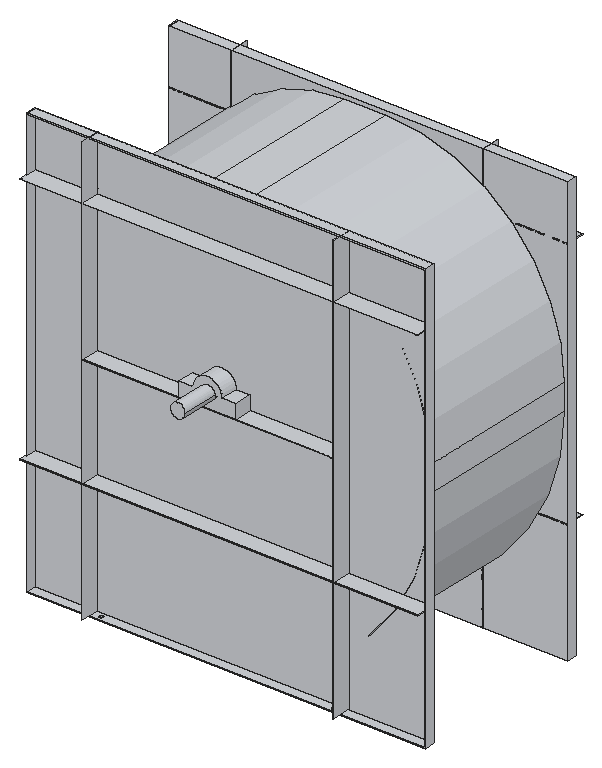
Revit family "CA-4_SWSI_ARR_3_CW_BHD", category Mechanical Equipment, Revit 2019
Family settings
  Round Connector Dimension = Use Radius
  Part Type = Normal
  Work Plane-Based = No
  Always vertical = Yes
  Cut with Voids When Loaded = No
  Shared = No
  Room Calculation Point = No
Parameters (values of type "600_CA-4_SWSI_ARR_3_CW_BHD_CLASS_3")
  S = 32"
  R = 49 5/16"
  P = 24 21/32"
  O/2 = O / 2  # 17/32"
  O = 1 1/16"
  N/2 = N / 2  # 1 31/32"
  N = 3 15/16"
  ModelID [instance] = ""
  M = 66 11/16"
  L = 10"
  K = 56 11/16"
  J = 3"
  INLET_RAD/2 = INLET_RAD / 2  # 16 1/2"
  INLET_RAD+1.5" = INLET_RAD + 1 1/2"  # 34 1/2"
  INLET_RAD = INLET_DIA / 2  # 33"
  INLET_DIA = 66"
  H = 51 5/8"
  G-H = G - H  # 58"
  G = 109 5/8"
  F = 118"
  Unit Weight [instance] = ""
  Sones [instance] = ""
  Motor RPM [instance] = ""
  Motor Enclosure [instance] = ""
  LwA [instance] = ""
  Fan RPM [instance] = ""
  E = 49 3/4"
  E-(INLET_RAD+1.5") = F - E - (INLET_RAD + 1 1/2")  # 33 3/4"
  E+(INLET_RAD+1.5") = F - E + (INLET_RAD + 1 1/2")  # 102 3/4"
  F-E = F - E  # 68 1/4"
  D-((D-B)/2) = D - ((D - B) / 2)  # 48 13/16"
  D = 51 13/16"
  B = 45 13/16"
  Accessories [instance] = ""
  A = 65 5/8"
  3" = 3"  # constant formula
  Brake Hp [instance] = ""
  4" = 4"  # constant formula
  2N = N + N  # 7 7/8"
  2' = 24"
  2" = 2"  # constant formula
  1" = 1"  # constant formula
  0 = 0"  # constant formula
  Voltage [instance] = 0 V
  URL = "www.lorencook.com"
  Type Comments = "Airfoil Centrifugal Blower Arrangement 3 Clockwise Bottom Horizontal Discharge"  # constant formula
  Static Pressure [instance] = 0.00 in-wg
  Power [instance] = Voltage * Motor FLA * sqrt(if(Phase = 3, 3, 1))  # 0 VA
  Phase [instance] = 0
  Number of Poles [instance] = 1
  Motor Hp [instance] = "0"
  Motor FLA [instance] = 0 A
  Model = "CA-4 SWSI ARR 3 CW BHD CLASS 3"
  Manufacturer = "Loren Cook Company"
  CFM [instance] = 0 CFM
  1.5 = 1 1/2"  # constant formula
  ONE EIGTH = 1/8"  # constant formula
  -(((K-B)/2)-.125") = -(((K - B) / 2) - 1/8")  # -5 5/16"
  (R-B)/2 = (R - B) / 2  # 1 3/4"
  ((K-B)/2)+B = ((K - B) / 2) + B  # 51 1/4"
  (D-B)/2 = (D - B) / 2  # 3"
  -(((K-B)/2)+L) = -(((K - B) / 2) + L)  # -15 7/16"
  ((D-B)/2)-.125" = ((D - B) / 2) - 1/8"  # 2 7/8"
Types (55): name | S | R | P | O/2 | O | N/2 | N | M | L | K | J | INLET_RAD/2 | INLET_RAD+1.5" | INLET_RAD | INLET_DIA | H | G-H | G | F | E | E-(INLET_RAD+1.5") | E+(INLET_RAD+1.5") | F-E | D-((D-B)/2) | D | B | A | 2N | Model | -(((K-B)/2)-.125") | (R-B)/2 | ((K-B)/2)+B | (D-B)/2 | -(((K-B)/2)+L) | ((D-B)/2)-.125"
  (no name) | 32" | 49 5/16" | 24 21/32" | 17/32" | 1 1/16" | 1 31/32" | 3 15/16" | 66 11/16" | 10" | 56 11/16" | 3" | 16 1/2" | 34 1/2" | 33" | 66" | 51 5/8" | 58" | 109 5/8" | 118" | 49 3/4" | 33 3/4" | 102 3/4" | 68 1/4" | 48 13/16" | 51 13/16" | 45 13/16" | 65 5/8" | 7 7/8" | "CA-4 SWSI ARR 3 CW BHD CLASS 3" | -5 5/16" | 1 3/4" | 51 1/4" | 3" | -15 7/16" | 2 7/8"
  120_CA-4_SWSI_ARR_3_CW_BHD_CLASS_1 | 7 1/2" | 11 7/16" | 5 23/32" | 11/32" | 11/16" | 1/2" | 1" | 18 7/8" | 3" | 15 7/8" | 2" | 4 1/16" | 9 5/8" | 8 1/8" | 16 1/4" | 10 3/8" | 12 3/8" | 22 3/4" | 25 3/4" | 10 3/4" | 5 3/8" | 24 5/8" | 15" | 11 3/16" | 13 3/16" | 9 3/16" | 13 1/8" | 2" | "CA-4 SWSI ARR 3 CW BHD CLASS 1" | -3 7/32" | 1 1/8" | 12 17/32" | 2" | -6 11/32" | 1 7/8"
  120_CA-4_SWSI_ARR_3_CW_BHD_CLASS_2 | 7 1/2" | 11 7/16" | 5 23/32" | 11/32" | 11/16" | 1/2" | 1" | 18 7/8" | 3" | 15 7/8" | 2" | 4 1/16" | 9 5/8" | 8 1/8" | 16 1/4" | 10 3/8" | 12 3/8" | 22 3/4" | 25 3/4" | 10 3/4" | 5 3/8" | 24 5/8" | 15" | 11 3/16" | 13 3/16" | 9 3/16" | 13 1/8" | 2" | "CA-4 SWSI ARR 3 CW BHD CLASS 2" | -3 7/32" | 1 1/8" | 12 17/32" | 2" | -6 11/32" | 1 7/8"
  120_CA-4_SWSI_ARR_3_CW_BHD_CLASS_3 | 7 1/2" | 11 7/16" | 5 23/32" | 11/32" | 11/16" | 19/32" | 1 3/16" | 18 7/8" | 3" | 15 7/8" | 2" | 4 1/16" | 9 5/8" | 8 1/8" | 16 1/4" | 10 3/8" | 12 3/8" | 22 3/4" | 25 3/4" | 10 3/4" | 5 3/8" | 24 5/8" | 15" | 11 3/16" | 13 3/16" | 9 3/16" | 13 1/8" | 2 3/8" | "CA-4 SWSI ARR 3 CW BHD CLASS 3" | -3 7/32" | 1 1/8" | 12 17/32" | 2" | -6 11/32" | 1 7/8"
  135_CA-4_SWSI_ARR_3_CW_BHD_CLASS_1 | 8 1/2" | 12 9/16" | 6 9/32" | 11/32" | 11/16" | 1/2" | 1" | 20" | 3" | 17" | 2" | 4 7/16" | 10 3/8" | 8 7/8" | 17 3/4" | 11 5/8" | 13 7/8" | 25 1/2" | 28 3/4" | 12" | 6 3/8" | 27 1/8" | 16 3/4" | 12 5/16" | 14 5/16" | 10 5/16" | 14 3/4" | 2" | "CA-4 SWSI ARR 3 CW BHD CLASS 1" | -3 7/32" | 1 1/8" | 13 21/32" | 2" | -6 11/32" | 1 7/8"
  135_CA-4_SWSI_ARR_3_CW_BHD_CLASS_2 | 8 1/2" | 12 9/16" | 6 9/32" | 11/32" | 11/16" | 1/2" | 1" | 20" | 3" | 17" | 2" | 4 7/16" | 10 3/8" | 8 7/8" | 17 3/4" | 11 5/8" | 13 7/8" | 25 1/2" | 28 3/4" | 12" | 6 3/8" | 27 1/8" | 16 3/4" | 12 5/16" | 14 5/16" | 10 5/16" | 14 3/4" | 2" | "CA-4 SWSI ARR 3 CW BHD CLASS 2" | -3 7/32" | 1 1/8" | 13 21/32" | 2" | -6 11/32" | 1 7/8"
  135_CA-4_SWSI_ARR_3_CW_BHD_CLASS_3 | 8 1/2" | 12 9/16" | 6 9/32" | 11/32" | 11/16" | 19/32" | 1 3/16" | 20" | 3" | 17" | 2" | 4 7/16" | 10 3/8" | 8 7/8" | 17 3/4" | 11 5/8" | 13 7/8" | 25 1/2" | 28 3/4" | 12" | 6 3/8" | 27 1/8" | 16 3/4" | 12 5/16" | 14 5/16" | 10 5/16" | 14 3/4" | 2 3/8" | "CA-4 SWSI ARR 3 CW BHD CLASS 3" | -3 7/32" | 1 1/8" | 13 21/32" | 2" | -6 11/32" | 1 7/8"
  150_CA-4_SWSI_ARR_3_CW_BHD_CLASS_1 | 9" | 13 11/16" | 6 27/32" | 11/32" | 11/16" | 1/2" | 1" | 21 1/8" | 3" | 18 1/8" | 2" | 4 13/16" | 11 1/8" | 9 5/8" | 19 1/4" | 12 7/8" | 15 1/4" | 28 1/8" | 31 5/8" | 13 1/4" | 7 1/4" | 29 1/2" | 18 3/8" | 13 7/16" | 15 7/16" | 11 7/16" | 16 7/16" | 2" | "CA-4 SWSI ARR 3 CW BHD CLASS 1" | -3 7/32" | 1 1/8" | 14 25/32" | 2" | -6 11/32" | 1 7/8"
  150_CA-4_SWSI_ARR_3_CW_BHD_CLASS_2 | 9" | 13 11/16" | 6 27/32" | 11/32" | 11/16" | 19/32" | 1 3/16" | 21 1/8" | 3" | 18 1/8" | 2" | 4 13/16" | 11 1/8" | 9 5/8" | 19 1/4" | 12 7/8" | 15 1/4" | 28 1/8" | 31 5/8" | 13 1/4" | 7 1/4" | 29 1/2" | 18 3/8" | 13 7/16" | 15 7/16" | 11 7/16" | 16 7/16" | 2 3/8" | "CA-4 SWSI ARR 3 CW BHD CLASS 2" | -3 7/32" | 1 1/8" | 14 25/32" | 2" | -6 11/32" | 1 7/8"
  150_CA-4_SWSI_ARR_3_CW_BHD_CLASS_3 | 9" | 13 11/16" | 6 27/32" | 11/32" | 11/16" | 23/32" | 1 7/16" | 21 1/8" | 3" | 18 1/8" | 2" | 4 13/16" | 11 1/8" | 9 5/8" | 19 1/4" | 12 7/8" | 15 1/4" | 28 1/8" | 31 5/8" | 13 1/4" | 7 1/4" | 29 1/2" | 18 3/8" | 13 7/16" | 15 7/16" | 11 7/16" | 16 7/16" | 2 7/8" | "CA-4 SWSI ARR 3 CW BHD CLASS 3" | -3 7/32" | 1 1/8" | 14 25/32" | 2" | -6 11/32" | 1 7/8"
  165_CA-4_SWSI_ARR_3_CW_BHD_CLASS_1 | 10" | 14 7/8" | 7 7/16" | 11/32" | 11/16" | 1/2" | 1" | 23 15/16" | 4" | 19 5/16" | 2" | 5 5/16" | 12 1/8" | 10 5/8" | 21 1/4" | 14 1/4" | 16 5/8" | 30 7/8" | 34 3/8" | 14 3/8" | 7 7/8" | 32 1/8" | 20" | 14 5/8" | 16 5/8" | 12 5/8" | 18 1/16" | 2" | "CA-4 SWSI ARR 3 CW BHD CLASS 1" | -3 7/32" | 1 1/8" | 15 31/32" | 2" | -7 11/32" | 1 7/8"
  165_CA-4_SWSI_ARR_3_CW_BHD_CLASS_2 | 10" | 14 7/8" | 7 7/16" | 11/32" | 11/16" | 19/32" | 1 3/16" | 23 15/16" | 4" | 19 5/16" | 2" | 5 5/16" | 12 1/8" | 10 5/8" | 21 1/4" | 14 1/4" | 16 5/8" | 30 7/8" | 34 3/8" | 14 3/8" | 7 7/8" | 32 1/8" | 20" | 14 5/8" | 16 5/8" | 12 5/8" | 18 1/16" | 2 3/8" | "CA-4 SWSI ARR 3 CW BHD CLASS 2" | -3 7/32" | 1 1/8" | 15 31/32" | 2" | -7 11/32" | 1 7/8"
  165_CA-4_SWSI_ARR_3_CW_BHD_CLASS_3 | 10" | 14 7/8" | 7 7/16" | 11/32" | 11/16" | 23/32" | 1 7/16" | 23 15/16" | 4" | 19 5/16" | 2" | 5 5/16" | 12 1/8" | 10 5/8" | 21 1/4" | 14 1/4" | 16 5/8" | 30 7/8" | 34 3/8" | 14 3/8" | 7 7/8" | 32 1/8" | 20" | 14 5/8" | 16 5/8" | 12 5/8" | 18 1/16" | 2 7/8" | "CA-4 SWSI ARR 3 CW BHD CLASS 3" | -3 7/32" | 1 1/8" | 15 31/32" | 2" | -7 11/32" | 1 7/8"
  180_CA-4_SWSI_ARR_3_CW_BHD_CLASS_1 | 11" | 16" | 8" | 11/32" | 11/16" | 19/32" | 1 3/16" | 24 15/16" | 4 1/2" | 20 7/16" | 2" | 5 11/16" | 12 7/8" | 11 3/8" | 22 3/4" | 15 1/2" | 18 1/8" | 33 5/8" | 37 1/8" | 15 5/8" | 8 5/8" | 34 3/8" | 21 1/2" | 15 3/4" | 17 3/4" | 13 3/4" | 19 11/16" | 2 3/8" | "CA-4 SWSI ARR 3 CW BHD CLASS 1" | -3 7/32" | 1 1/8" | 17 3/32" | 2" | -7 27/32" | 1 7/8"
  180_CA-4_SWSI_ARR_3_CW_BHD_CLASS_2 | 11" | 16" | 8" | 11/32" | 11/16" | 23/32" | 1 7/16" | 24 15/16" | 4 1/2" | 20 7/16" | 2" | 5 11/16" | 12 7/8" | 11 3/8" | 22 3/4" | 15 1/2" | 18 1/8" | 33 5/8" | 37 1/8" | 15 5/8" | 8 5/8" | 34 3/8" | 21 1/2" | 15 3/4" | 17 3/4" | 13 3/4" | 19 11/16" | 2 7/8" | "CA-4 SWSI ARR 3 CW BHD CLASS 2" | -3 7/32" | 1 1/8" | 17 3/32" | 2" | -7 27/32" | 1 7/8"
  180_CA-4_SWSI_ARR_3_CW_BHD_CLASS_3 | 11" | 16" | 8" | 11/32" | 11/16" | 27/32" | 1 11/16" | 24 15/16" | 4 1/2" | 20 7/16" | 2" | 5 11/16" | 12 7/8" | 11 3/8" | 22 3/4" | 15 1/2" | 18 1/8" | 33 5/8" | 37 1/8" | 15 5/8" | 8 5/8" | 34 3/8" | 21 1/2" | 15 3/4" | 17 3/4" | 13 3/4" | 19 11/16" | 3 3/8" | "CA-4 SWSI ARR 3 CW BHD CLASS 3" | -3 7/32" | 1 1/8" | 17 3/32" | 2" | -7 27/32" | 1 7/8"
  195_CA-4_SWSI_ARR_3_CW_BHD_CLASS_1 | 11 1/2" | 17 3/16" | 8 19/32" | 11/32" | 11/16" | 23/32" | 1 7/16" | 27 3/16" | 4 1/2" | 22 11/16" | 2" | 6 1/16" | 13 5/8" | 12 1/8" | 24 1/4" | 16 3/4" | 19 1/2" | 36 1/4" | 40" | 16 3/4" | 9 5/8" | 36 7/8" | 23 1/4" | 16 15/16" | 18 15/16" | 14 15/16" | 21 5/16" | 2 7/8" | "CA-4 SWSI ARR 3 CW BHD CLASS 1" | -3 3/4" | 1 1/8" | 18 13/16" | 2" | -8 3/8" | 1 7/8"
  195_CA-4_SWSI_ARR_3_CW_BHD_CLASS_2 | 11 1/2" | 17 3/16" | 8 19/32" | 11/32" | 11/16" | 23/32" | 1 7/16" | 27 3/16" | 4 1/2" | 22 11/16" | 2" | 6 1/16" | 13 5/8" | 12 1/8" | 24 1/4" | 16 3/4" | 19 1/2" | 36 1/4" | 40" | 16 3/4" | 9 5/8" | 36 7/8" | 23 1/4" | 16 15/16" | 18 15/16" | 14 15/16" | 21 5/16" | 2 7/8" | "CA-4 SWSI ARR 3 CW BHD CLASS 2" | -3 3/4" | 1 1/8" | 18 13/16" | 2" | -8 3/8" | 1 7/8"
  195_CA-4_SWSI_ARR_3_CW_BHD_CLASS_3 | 11 1/2" | 17 3/16" | 8 19/32" | 11/32" | 11/16" | 27/32" | 1 11/16" | 27 3/16" | 4 1/2" | 22 11/16" | 2" | 6 1/16" | 13 5/8" | 12 1/8" | 24 1/4" | 16 3/4" | 19 1/2" | 36 1/4" | 40" | 16 3/4" | 9 5/8" | 36 7/8" | 23 1/4" | 16 15/16" | 18 15/16" | 14 15/16" | 21 5/16" | 3 3/8" | "CA-4 SWSI ARR 3 CW BHD CLASS 3" | -3 3/4" | 1 1/8" | 18 13/16" | 2" | -8 3/8" | 1 7/8"
  210_CA-4_SWSI_ARR_3_CW_BHD_CLASS_1 | 12" | 18 5/16" | 9 5/32" | 13/32" | 13/16" | 23/32" | 1 7/16" | 28 13/16" | 5" | 23 13/16" | 2" | 6 1/2" | 14 1/2" | 13" | 26" | 18 1/8" | 21" | 39 1/8" | 42 7/8" | 18" | 10 3/8" | 39 3/8" | 24 7/8" | 18 1/16" | 20 1/16" | 16 1/16" | 23" | 2 7/8" | "CA-4 SWSI ARR 3 CW BHD CLASS 1" | -3 3/4" | 1 1/8" | 19 15/16" | 2" | -8 7/8" | 1 7/8"
  210_CA-4_SWSI_ARR_3_CW_BHD_CLASS_2 | 12" | 18 5/16" | 9 5/32" | 13/32" | 13/16" | 23/32" | 1 7/16" | 28 13/16" | 5" | 23 13/16" | 2" | 6 1/2" | 14 1/2" | 13" | 26" | 18 1/8" | 21" | 39 1/8" | 42 7/8" | 18" | 10 3/8" | 39 3/8" | 24 7/8" | 18 1/16" | 20 1/16" | 16 1/16" | 23" | 2 7/8" | "CA-4 SWSI ARR 3 CW BHD CLASS 2" | -3 3/4" | 1 1/8" | 19 15/16" | 2" | -8 7/8" | 1 7/8"
  210_CA-4_SWSI_ARR_3_CW_BHD_CLASS_3 | 12" | 18 5/16" | 9 5/32" | 13/32" | 13/16" | 27/32" | 1 11/16" | 28 13/16" | 5" | 23 13/16" | 2" | 6 1/2" | 14 1/2" | 13" | 26" | 18 1/8" | 21" | 39 1/8" | 42 7/8" | 18" | 10 3/8" | 39 3/8" | 24 7/8" | 18 1/16" | 20 1/16" | 16 1/16" | 23" | 3 3/8" | "CA-4 SWSI ARR 3 CW BHD CLASS 3" | -3 3/4" | 1 1/8" | 19 15/16" | 2" | -8 7/8" | 1 7/8"
  225_CA-4_SWSI_ARR_3_CW_BHD_CLASS_1 | 12 1/2" | 19 7/16" | 9 23/32" | 13/32" | 13/16" | 23/32" | 1 7/16" | 29 15/16" | 5" | 24 15/16" | 2" | 6 7/8" | 15 1/4" | 13 3/4" | 27 1/2" | 19 3/8" | 22 3/8" | 41 3/4" | 45 3/4" | 19 1/4" | 11 1/4" | 41 3/4" | 26 1/2" | 19 3/16" | 21 3/16" | 17 3/16" | 24 5/8" | 2 7/8" | "CA-4 SWSI ARR 3 CW BHD CLASS 1" | -3 3/4" | 1 1/8" | 21 1/16" | 2" | -8 7/8" | 1 7/8"
  225_CA-4_SWSI_ARR_3_CW_BHD_CLASS_2 | 12 1/2" | 19 7/16" | 9 23/32" | 13/32" | 13/16" | 23/32" | 1 7/16" | 29 15/16" | 5" | 24 15/16" | 2" | 6 7/8" | 15 1/4" | 13 3/4" | 27 1/2" | 19 3/8" | 22 3/8" | 41 3/4" | 45 3/4" | 19 1/4" | 11 1/4" | 41 3/4" | 26 1/2" | 19 3/16" | 21 3/16" | 17 3/16" | 24 5/8" | 2 7/8" | "CA-4 SWSI ARR 3 CW BHD CLASS 2" | -3 3/4" | 1 1/8" | 21 1/16" | 2" | -8 7/8" | 1 7/8"
  225_CA-4_SWSI_ARR_3_CW_BHD_CLASS_3 | 12 1/2" | 19 7/16" | 9 23/32" | 13/32" | 13/16" | 27/32" | 1 11/16" | 29 15/16" | 5" | 24 15/16" | 2" | 6 7/8" | 15 1/4" | 13 3/4" | 27 1/2" | 19 3/8" | 22 3/8" | 41 3/4" | 45 3/4" | 19 1/4" | 11 1/4" | 41 3/4" | 26 1/2" | 19 3/16" | 21 3/16" | 17 3/16" | 24 5/8" | 3 3/8" | "CA-4 SWSI ARR 3 CW BHD CLASS 3" | -3 3/4" | 1 1/8" | 21 1/16" | 2" | -8 7/8" | 1 7/8"
  245_CA-4_SWSI_ARR_3_CW_BHD_CLASS_1 | 13 1/2" | 21" | 10 1/2" | 13/32" | 13/16" | 23/32" | 1 7/16" | 32" | 5 1/2" | 26 1/2" | 2" | 7 3/8" | 16 1/4" | 14 3/4" | 29 1/2" | 21 1/8" | 24 1/4" | 45 3/8" | 49 1/2" | 20 7/8" | 12 3/8" | 44 7/8" | 28 5/8" | 20 3/4" | 22 3/4" | 18 3/4" | 26 13/16" | 2 7/8" | "CA-4 SWSI ARR 3 CW BHD CLASS 1" | -3 3/4" | 1 1/8" | 22 5/8" | 2" | -9 3/8" | 1 7/8"
  245_CA-4_SWSI_ARR_3_CW_BHD_CLASS_2 | 13 1/2" | 21" | 10 1/2" | 13/32" | 13/16" | 27/32" | 1 11/16" | 32" | 5 1/2" | 26 1/2" | 2" | 7 3/8" | 16 1/4" | 14 3/4" | 29 1/2" | 21 1/8" | 24 1/4" | 45 3/8" | 49 1/2" | 20 7/8" | 12 3/8" | 44 7/8" | 28 5/8" | 20 3/4" | 22 3/4" | 18 3/4" | 26 13/16" | 3 3/8" | "CA-4 SWSI ARR 3 CW BHD CLASS 2" | -3 3/4" | 1 1/8" | 22 5/8" | 2" | -9 3/8" | 1 7/8"
  245_CA-4_SWSI_ARR_3_CW_BHD_CLASS_3 | 13 1/2" | 21" | 10 1/2" | 13/32" | 13/16" | 31/32" | 1 15/16" | 32" | 5 1/2" | 26 1/2" | 2" | 7 3/8" | 16 1/4" | 14 3/4" | 29 1/2" | 21 1/8" | 24 1/4" | 45 3/8" | 49 1/2" | 20 7/8" | 12 3/8" | 44 7/8" | 28 5/8" | 20 3/4" | 22 3/4" | 18 3/4" | 26 13/16" | 3 7/8" | "CA-4 SWSI ARR 3 CW BHD CLASS 3" | -3 3/4" | 1 1/8" | 22 5/8" | 2" | -9 3/8" | 1 7/8"
  270_CA-4_SWSI_ARR_3_CW_BHD_CLASS_1 | 15" | 22 7/8" | 11 7/16" | 13/32" | 13/16" | 23/32" | 1 7/16" | 34 3/8" | 6" | 28 3/8" | 2" | 8" | 17 1/2" | 16" | 32" | 23 1/4" | 26 5/8" | 49 7/8" | 54 3/4" | 23 3/8" | 13 7/8" | 48 7/8" | 31 3/8" | 22 5/8" | 24 5/8" | 20 5/8" | 29 9/16" | 2 7/8" | "CA-4 SWSI ARR 3 CW BHD CLASS 1" | -3 3/4" | 1 1/8" | 24 1/2" | 2" | -9 7/8" | 1 7/8"
  270_CA-4_SWSI_ARR_3_CW_BHD_CLASS_2 | 15" | 22 7/8" | 11 7/16" | 13/32" | 13/16" | 27/32" | 1 11/16" | 34 3/8" | 6" | 28 3/8" | 2" | 8" | 17 1/2" | 16" | 32" | 23 1/4" | 26 5/8" | 49 7/8" | 54 3/4" | 23 3/8" | 13 7/8" | 48 7/8" | 31 3/8" | 22 5/8" | 24 5/8" | 20 5/8" | 29 9/16" | 3 3/8" | "CA-4 SWSI ARR 3 CW BHD CLASS 2" | -3 3/4" | 1 1/8" | 24 1/2" | 2" | -9 7/8" | 1 7/8"
  270_CA-4_SWSI_ARR_3_CW_BHD_CLASS_3 | 15" | 22 7/8" | 11 7/16" | 13/32" | 13/16" | 31/32" | 1 15/16" | 34 3/8" | 6" | 28 3/8" | 2" | 8" | 17 1/2" | 16" | 32" | 23 1/4" | 26 5/8" | 49 7/8" | 54 3/4" | 23 3/8" | 13 7/8" | 48 7/8" | 31 3/8" | 22 5/8" | 24 5/8" | 20 5/8" | 29 9/16" | 3 7/8" | "CA-4 SWSI ARR 3 CW BHD CLASS 3" | -3 3/4" | 1 1/8" | 24 1/2" | 2" | -9 7/8" | 1 7/8"
  300_CA-4_SWSI_ARR_3_CW_BHD_CLASS_1 | 16 1/2" | 25 3/16" | 12 19/32" | 13/32" | 13/16" | 27/32" | 1 11/16" | 37 3/16" | 6 1/2" | 30 11/16" | 2" | 8 3/4" | 19" | 17 1/2" | 35" | 25 7/8" | 29 1/2" | 55 3/8" | 60" | 25 3/8" | 15 5/8" | 53 5/8" | 34 5/8" | 24 15/16" | 26 15/16" | 22 15/16" | 32 13/16" | 3 3/8" | "CA-4 SWSI ARR 3 CW BHD CLASS 1" | -3 3/4" | 1 1/8" | 26 13/16" | 2" | -10 3/8" | 1 7/8"
  300_CA-4_SWSI_ARR_3_CW_BHD_CLASS_2 | 16 1/2" | 25 3/16" | 12 19/32" | 13/32" | 13/16" | 31/32" | 1 15/16" | 37 3/16" | 6 1/2" | 30 11/16" | 2" | 8 3/4" | 19" | 17 1/2" | 35" | 25 7/8" | 29 1/2" | 55 3/8" | 60" | 25 3/8" | 15 5/8" | 53 5/8" | 34 5/8" | 24 15/16" | 26 15/16" | 22 15/16" | 32 13/16" | 3 7/8" | "CA-4 SWSI ARR 3 CW BHD CLASS 2" | -3 3/4" | 1 1/8" | 26 13/16" | 2" | -10 3/8" | 1 7/8"
  300_CA-4_SWSI_ARR_3_CW_BHD_CLASS_3 | 16 1/2" | 25 3/16" | 12 19/32" | 13/32" | 13/16" | 1 3/32" | 2 3/16" | 37 3/16" | 6 1/2" | 30 11/16" | 2" | 8 3/4" | 19" | 17 1/2" | 35" | 25 7/8" | 29 1/2" | 55 3/8" | 60" | 25 3/8" | 15 5/8" | 53 5/8" | 34 5/8" | 24 15/16" | 26 15/16" | 22 15/16" | 32 13/16" | 4 3/8" | "CA-4 SWSI ARR 3 CW BHD CLASS 3" | -3 3/4" | 1 1/8" | 26 13/16" | 2" | -10 3/8" | 1 7/8"
  330_CA-4_SWSI_ARR_3_CW_BHD_CLASS_1 | 18" | 27 1/2" | 13 3/4" | 13/32" | 13/16" | 27/32" | 1 11/16" | 40" | 7" | 33" | 2" | 9 1/2" | 20 1/2" | 19" | 38" | 28 3/8" | 32 3/8" | 60 3/4" | 65 3/4" | 27 7/8" | 17 3/8" | 58 3/8" | 37 7/8" | 27 1/4" | 29 1/4" | 25 1/4" | 36 1/8" | 3 3/8" | "CA-4 SWSI ARR 3 CW BHD CLASS 1" | -3 3/4" | 1 1/8" | 29 1/8" | 2" | -10 7/8" | 1 7/8"
  330_CA-4_SWSI_ARR_3_CW_BHD_CLASS_2 | 18" | 27 1/2" | 13 3/4" | 13/32" | 13/16" | 1 3/32" | 2 3/16" | 40" | 7" | 33" | 2" | 9 1/2" | 20 1/2" | 19" | 38" | 28 3/8" | 32 3/8" | 60 3/4" | 65 3/4" | 27 7/8" | 17 3/8" | 58 3/8" | 37 7/8" | 27 1/4" | 29 1/4" | 25 1/4" | 36 1/8" | 4 3/8" | "CA-4 SWSI ARR 3 CW BHD CLASS 2" | -3 3/4" | 1 1/8" | 29 1/8" | 2" | -10 7/8" | 1 7/8"
  330_CA-4_SWSI_ARR_3_CW_BHD_CLASS_3 | 18" | 27 1/2" | 13 3/4" | 13/32" | 13/16" | 1 3/32" | 2 3/16" | 40" | 7" | 33" | 2" | 9 1/2" | 20 1/2" | 19" | 38" | 28 3/8" | 32 3/8" | 60 3/4" | 65 3/4" | 27 7/8" | 17 3/8" | 58 3/8" | 37 7/8" | 27 1/4" | 29 1/4" | 25 1/4" | 36 1/8" | 4 3/8" | "CA-4 SWSI ARR 3 CW BHD CLASS 3" | -3 3/4" | 1 1/8" | 29 1/8" | 2" | -10 7/8" | 1 7/8"
  365_CA-4_SWSI_ARR_3_CW_BHD_CLASS_1 | 20" | 30 1/8" | 15 1/16" | 13/32" | 13/16" | 31/32" | 1 15/16" | 43 1/8" | 7 1/2" | 35 5/8" | 2" | 10 3/8" | 22 1/4" | 20 3/4" | 41 1/2" | 31 3/8" | 35 5/8" | 67" | 72 3/8" | 30 5/8" | 19 1/2" | 64" | 41 3/4" | 29 7/8" | 31 7/8" | 27 7/8" | 39 15/16" | 3 7/8" | "CA-4 SWSI ARR 3 CW BHD CLASS 1" | -3 3/4" | 1 1/8" | 31 3/4" | 2" | -11 3/8" | 1 7/8"
  365_CA-4_SWSI_ARR_3_CW_BHD_CLASS_2 | 20" | 30 1/8" | 15 1/16" | 13/32" | 13/16" | 1 7/32" | 2 7/16" | 43 1/8" | 7 1/2" | 35 5/8" | 2" | 10 3/8" | 22 1/4" | 20 3/4" | 41 1/2" | 31 3/8" | 35 5/8" | 67" | 72 3/8" | 30 5/8" | 19 1/2" | 64" | 41 3/4" | 29 7/8" | 31 7/8" | 27 7/8" | 39 15/16" | 4 7/8" | "CA-4 SWSI ARR 3 CW BHD CLASS 2" | -3 3/4" | 1 1/8" | 31 3/4" | 2" | -11 3/8" | 1 7/8"
  365_CA-4_SWSI_ARR_3_CW_BHD_CLASS_3 | 20" | 30 1/8" | 15 1/16" | 13/32" | 13/16" | 1 7/32" | 2 7/16" | 43 1/8" | 7 1/2" | 35 5/8" | 2" | 10 3/8" | 22 1/4" | 20 3/4" | 41 1/2" | 31 3/8" | 35 5/8" | 67" | 72 3/8" | 30 5/8" | 19 1/2" | 64" | 41 3/4" | 29 7/8" | 31 7/8" | 27 7/8" | 39 15/16" | 4 7/8" | "CA-4 SWSI ARR 3 CW BHD CLASS 3" | -3 3/4" | 1 1/8" | 31 3/4" | 2" | -11 3/8" | 1 7/8"
  402_CA-4_SWSI_ARR_3_CW_BHD_CLASS_1 | 22" | 34 1/4" | 17 1/8" | 17/32" | 1 1/16" | 31/32" | 1 15/16" | 46 5/8" | 8" | 38 5/8" | 3" | 11 5/16" | 24 1/8" | 22 5/8" | 45 1/4" | 34 5/8" | 39 1/4" | 73 7/8" | 80 3/8" | 33 5/8" | 22 5/8" | 70 7/8" | 46 3/4" | 33 3/4" | 36 3/4" | 30 3/4" | 44 1/16" | 3 7/8" | "CA-4 SWSI ARR 3 CW BHD CLASS 1" | -3 13/16" | 1 3/4" | 34 11/16" | 3" | -11 15/16" | 2 7/8"
  402_CA-4_SWSI_ARR_3_CW_BHD_CLASS_2 | 22" | 34 1/4" | 17 1/8" | 17/32" | 1 1/16" | 1 7/32" | 2 7/16" | 46 5/8" | 8" | 38 5/8" | 3" | 11 5/16" | 24 1/8" | 22 5/8" | 45 1/4" | 34 5/8" | 39 1/4" | 73 7/8" | 80 3/8" | 33 5/8" | 22 5/8" | 70 7/8" | 46 3/4" | 33 3/4" | 36 3/4" | 30 3/4" | 44 1/16" | 4 7/8" | "CA-4 SWSI ARR 3 CW BHD CLASS 2" | -3 13/16" | 1 3/4" | 34 11/16" | 3" | -11 15/16" | 2 7/8"
  402_CA-4_SWSI_ARR_3_CW_BHD_CLASS_3 | 22" | 34 1/4" | 17 1/8" | 17/32" | 1 1/16" | 1 11/32" | 2 11/16" | 46 5/8" | 8" | 38 5/8" | 3" | 11 5/16" | 24 1/8" | 22 5/8" | 45 1/4" | 34 5/8" | 39 1/4" | 73 7/8" | 80 3/8" | 33 5/8" | 22 5/8" | 70 7/8" | 46 3/4" | 33 3/4" | 36 3/4" | 30 3/4" | 44 1/16" | 5 3/8" | "CA-4 SWSI ARR 3 CW BHD CLASS 3" | -3 13/16" | 1 3/4" | 34 11/16" | 3" | -11 15/16" | 2 7/8"
  445_CA-4_SWSI_ARR_3_CW_BHD_CLASS_1 | 24" | 37 1/2" | 18 3/4" | 17/32" | 1 1/16" | 31/32" | 1 15/16" | 50 3/8" | 8 1/2" | 41 7/8" | 3" | 12 3/8" | 26 1/4" | 24 3/4" | 49 1/2" | 38 1/4" | 43 1/4" | 81 1/2" | 88 1/2" | 37 1/8" | 25 1/8" | 77 5/8" | 51 3/8" | 37" | 40" | 34" | 48 11/16" | 3 7/8" | "CA-4 SWSI ARR 3 CW BHD CLASS 1" | -3 13/16" | 1 3/4" | 37 15/16" | 3" | -12 7/16" | 2 7/8"
  445_CA-4_SWSI_ARR_3_CW_BHD_CLASS_2 | 24" | 37 1/2" | 18 3/4" | 17/32" | 1 1/16" | 1 11/32" | 2 11/16" | 50 3/8" | 8 1/2" | 41 7/8" | 3" | 12 3/8" | 26 1/4" | 24 3/4" | 49 1/2" | 38 1/4" | 43 1/4" | 81 1/2" | 88 1/2" | 37 1/8" | 25 1/8" | 77 5/8" | 51 3/8" | 37" | 40" | 34" | 48 11/16" | 5 3/8" | "CA-4 SWSI ARR 3 CW BHD CLASS 2" | -3 13/16" | 1 3/4" | 37 15/16" | 3" | -12 7/16" | 2 7/8"
  445_CA-4_SWSI_ARR_3_CW_BHD_CLASS_3 | 24" | 37 1/2" | 18 3/4" | 17/32" | 1 1/16" | 1 15/32" | 2 15/16" | 50 3/8" | 8 1/2" | 41 7/8" | 3" | 12 3/8" | 26 1/4" | 24 3/4" | 49 1/2" | 38 1/4" | 43 1/4" | 81 1/2" | 88 1/2" | 37 1/8" | 25 1/8" | 77 5/8" | 51 3/8" | 37" | 40" | 34" | 48 11/16" | 5 7/8" | "CA-4 SWSI ARR 3 CW BHD CLASS 3" | -3 13/16" | 1 3/4" | 37 15/16" | 3" | -12 7/16" | 2 7/8"
  490_CA-4_SWSI_ARR_3_CW_BHD_CLASS_1 | 26 1/2" | 40 15/16" | 20 15/32" | 17/32" | 1 1/16" | 1 3/32" | 2 3/16" | 55 5/16" | 9" | 46 5/16" | 3" | 13 3/4" | 29" | 27 1/2" | 55" | 42 1/4" | 47 1/2" | 89 3/4" | 97" | 40 3/4" | 27 1/4" | 85 1/4" | 56 1/4" | 40 7/16" | 43 7/16" | 37 7/16" | 53 5/8" | 4 3/8" | "CA-4 SWSI ARR 3 CW BHD CLASS 1" | -4 5/16" | 1 3/4" | 41 7/8" | 3" | -13 7/16" | 2 7/8"
  490_CA-4_SWSI_ARR_3_CW_BHD_CLASS_2 | 26 1/2" | 40 15/16" | 20 15/32" | 17/32" | 1 1/16" | 1 11/32" | 2 11/16" | 55 5/16" | 9" | 46 5/16" | 3" | 13 3/4" | 29" | 27 1/2" | 55" | 42 1/4" | 47 1/2" | 89 3/4" | 97" | 40 3/4" | 27 1/4" | 85 1/4" | 56 1/4" | 40 7/16" | 43 7/16" | 37 7/16" | 53 5/8" | 5 3/8" | "CA-4 SWSI ARR 3 CW BHD CLASS 2" | -4 5/16" | 1 3/4" | 41 7/8" | 3" | -13 7/16" | 2 7/8"
  490_CA-4_SWSI_ARR_3_CW_BHD_CLASS_3 | 26 1/2" | 40 15/16" | 20 15/32" | 17/32" | 1 1/16" | 1 15/32" | 2 15/16" | 55 5/16" | 9" | 46 5/16" | 3" | 13 3/4" | 29" | 27 1/2" | 55" | 42 1/4" | 47 1/2" | 89 3/4" | 97" | 40 3/4" | 27 1/4" | 85 1/4" | 56 1/4" | 40 7/16" | 43 7/16" | 37 7/16" | 53 5/8" | 5 7/8" | "CA-4 SWSI ARR 3 CW BHD CLASS 3" | -4 5/16" | 1 3/4" | 41 7/8" | 3" | -13 7/16" | 2 7/8"
  540_CA-4_SWSI_ARR_3_CW_BHD_CLASS_1 | 29" | 44 3/4" | 22 3/8" | 17/32" | 1 1/16" | 1 23/32" | 3 7/16" | 61 5/8" | 9 1/2" | 52 1/8" | 3" | 15" | 31 1/2" | 30" | 60" | 46 1/2" | 52 1/4" | 98 3/4" | 106 5/8" | 44 7/8" | 30 1/4" | 93 1/4" | 61 3/4" | 44 1/4" | 47 1/4" | 41 1/4" | 59 1/16" | 6 7/8" | "CA-4 SWSI ARR 3 CW BHD CLASS 1" | -5 5/16" | 1 3/4" | 46 11/16" | 3" | -14 15/16" | 2 7/8"
  540_CA-4_SWSI_ARR_3_CW_BHD_CLASS_2 | 29" | 44 3/4" | 22 3/8" | 17/32" | 1 1/16" | 1 15/32" | 2 15/16" | 61 5/8" | 9 1/2" | 52 1/8" | 3" | 15" | 31 1/2" | 30" | 60" | 46 1/2" | 52 1/4" | 98 3/4" | 106 5/8" | 44 7/8" | 30 1/4" | 93 1/4" | 61 3/4" | 44 1/4" | 47 1/4" | 41 1/4" | 59 1/16" | 5 7/8" | "CA-4 SWSI ARR 3 CW BHD CLASS 2" | -5 5/16" | 1 3/4" | 46 11/16" | 3" | -14 15/16" | 2 7/8"
  540_CA-4_SWSI_ARR_3_CW_BHD_CLASS_3 | 29" | 44 3/4" | 22 3/8" | 17/32" | 1 1/16" | 1 23/32" | 3 7/16" | 61 5/8" | 9 1/2" | 52 1/8" | 3" | 15" | 31 1/2" | 30" | 60" | 46 1/2" | 52 1/4" | 98 3/4" | 106 5/8" | 44 7/8" | 30 1/4" | 93 1/4" | 61 3/4" | 44 1/4" | 47 1/4" | 41 1/4" | 59 1/16" | 6 7/8" | "CA-4 SWSI ARR 3 CW BHD CLASS 3" | -5 5/16" | 1 3/4" | 46 11/16" | 3" | -14 15/16" | 2 7/8"
  600_CA-4_SWSI_ARR_3_CW_BHD_CLASS_1 | 32" | 49 5/16" | 24 21/32" | 17/32" | 1 1/16" | 1 11/32" | 2 11/16" | 66 11/16" | 10" | 56 11/16" | 3" | 16 1/2" | 34 1/2" | 33" | 66" | 51 5/8" | 58" | 109 5/8" | 118" | 49 3/4" | 33 3/4" | 102 3/4" | 68 1/4" | 48 13/16" | 51 13/16" | 45 13/16" | 65 5/8" | 5 3/8" | "CA-4 SWSI ARR 3 CW BHD CLASS 1" | -5 5/16" | 1 3/4" | 51 1/4" | 3" | -15 7/16" | 2 7/8"
  600_CA-4_SWSI_ARR_3_CW_BHD_CLASS_2 | 32" | 49 5/16" | 24 21/32" | 17/32" | 1 1/16" | 1 23/32" | 3 7/16" | 66 11/16" | 10" | 56 11/16" | 3" | 16 1/2" | 34 1/2" | 33" | 66" | 51 5/8" | 58" | 109 5/8" | 118" | 49 3/4" | 33 3/4" | 102 3/4" | 68 1/4" | 48 13/16" | 51 13/16" | 45 13/16" | 65 5/8" | 6 7/8" | "CA-4 SWSI ARR 3 CW BHD CLASS 2" | -5 5/16" | 1 3/4" | 51 1/4" | 3" | -15 7/16" | 2 7/8"
  600_CA-4_SWSI_ARR_3_CW_BHD_CLASS_3 | 32" | 49 5/16" | 24 21/32" | 17/32" | 1 1/16" | 1 31/32" | 3 15/16" | 66 11/16" | 10" | 56 11/16" | 3" | 16 1/2" | 34 1/2" | 33" | 66" | 51 5/8" | 58" | 109 5/8" | 118" | 49 3/4" | 33 3/4" | 102 3/4" | 68 1/4" | 48 13/16" | 51 13/16" | 45 13/16" | 65 5/8" | 7 7/8" | "CA-4 SWSI ARR 3 CW BHD CLASS 3" | -5 5/16" | 1 3/4" | 51 1/4" | 3" | -15 7/16" | 2 7/8"
Reference planes (in)
  plane 1 "Center (Front/Back)": y = 0
  plane 2: z = 0
  plane 3 "Center (Left/Right)": x = 0.40541
Forms (in)
  Extrusion 1, solid
    sketch origin (0, 0, 0) x (1, 0, 0) y (0, 0, 1)
      loop
        line (-51.21959, 0) -> (58.40541, 0) -> (58.40541, 118) -> (-51.21959, 118) -> (-51.21959, 0)
    from 0 to 3 <- "(D-B)/2"
  Extrusion 2, solid
    sketch origin (0, 0, 0) x (1, 0, 0) y (0, 0, 1)
      loop
        line (-51.21959, 118) -> (-51.21959, 0) -> (58.40541, 0) -> (58.40541, 118) -> (-51.21959, 118)
    from 51.8125 <- "D" to 48.8125 <- "D-((D-B)/2)"
  Extrusion 3, void
    sketch origin (0, 0, 0) x (1, 0, 0) y (0, 0, 1)
      loop
        line (-51.09459, 117.875) -> (-51.09459, 0.125) -> (58.28041, 0.125) -> (58.28041, 117.875) -> (-51.09459, 117.875)
    from 0 to 2.875 <- "((D-B)/2)-.125""
  Extrusion 4, void
    sketch origin (0, -51.8125, 0) x (-1, 0, 0) y (0, 0, 1)
      loop
        line (51.09459, 117.875) -> (-58.28041, 117.875) -> (-58.28041, 0.125) -> (51.09459, 0.125) -> (51.09459, 117.875)
    from 0 to 2.875 <- "((D-B)/2)-.125""
  Extrusion 5, solid
    sketch origin (0, -3, 0) x (1, 0, 0) y (0, 0, 1)
      loop
        line (-51.21959, 68.625) -> (-51.21959, 3) -> (-0.59459, 3)
        arc (-0.59459, 3) -> (40.41761, 19.98781) -> (57.40541, 61) r 58
        line (57.40541, 61) -> (57.40541, 68.25)
        arc (57.40541, 68.25) -> (43.12687, 102.72146) -> (8.65541, 117) r 48.75
        line (8.65541, 117) -> (-2.84459, 117)
        arc (-2.84459, 117) -> (-34.26665, 103.98456) -> (-47.28209, 72.5625) r 44.4375
        line (-47.28209, 72.5625) -> (-47.28209, 68.625) -> (-51.21959, 68.625)
    from 0 to 45.8125 <- "B"
  Extrusion 6, solid
    sketch origin (0, -48.8125, 0) x (-1, 0, 0) y (0, 0, 1)
      loop
        circle (-0.40541, 68.25) r 1.96875
    from 51.25 <- "((K-B)/2)+B" to -15.4375 <- "-(((K-B)/2)+L)"
  Extrusion 7, solid
    sketch origin (0, -48.8125, 0) x (-1, 0, 0) y (0, 0, 1)
      loop
        line (7.46959, 64.3125) -> (7.46959, 68.25) -> (3.53209, 68.25)
        arc (3.53209, 68.25) -> (-0.40541, 72.1875) -> (-4.34291, 68.25) r 3.9375
        line (-4.34291, 68.25) -> (-8.28041, 68.25) -> (-8.28041, 64.3125) -> (7.46959, 64.3125)
    from -0.5 to -5.3125 <- "-(((K-B)/2)-.125")"
  Extrusion 8, solid
    sketch origin (0, -3, 0) x (1, 0, 0) y (0, 0, 1)
      loop
        arc (4.34291, 68.25) -> (0.40541, 72.1875) -> (-3.53209, 68.25) r 3.9375
        line (-3.53209, 68.25) -> (-7.46959, 68.25) -> (-7.46959, 64.3125) -> (8.28041, 64.3125) -> (8.28041, 68.25) -> (4.34291, 68.25)
    from -0.5 to -5.3125 <- "-(((K-B)/2)-.125")"
  Extrusion 9, solid
    sketch origin (0, -3, 0) x (1, 0, 0) y (0, 0, 1)
      loop
        line (35.03041, 117.875) -> (34.90541, 117.875) -> (34.90541, 0.125) -> (35.03041, 0.125) -> (35.03041, 117.875)
      loop
        line (-34.09459, 0.125) -> (-34.09459, 117.875) -> (-34.21959, 117.875) -> (-34.21959, 0.125) -> (-34.09459, 0.125)
    from 0 to -5.3125 <- "-(((K-B)/2)-.125")"
  Extrusion 10, solid
    sketch origin (0, -3, 0) x (1, 0, 0) y (0, 0, 1)
      loop
        line (58.28041, 102.875) -> (-51.09459, 102.875) -> (-51.09459, 102.75) -> (58.28041, 102.75) -> (58.28041, 102.875)
      loop
        line (58.28041, 33.75) -> (-51.09459, 33.75) -> (-51.09459, 33.625) -> (58.28041, 33.625) -> (58.28041, 33.75)
      loop
        line (34.90541, 64.3125) -> (-34.09459, 64.3125) -> (-34.09459, 64.1875) -> (34.90541, 64.1875) -> (34.90541, 64.3125)
    from 0 to -5.3125 <- "-(((K-B)/2)-.125")"
  Extrusion 11, solid
    sketch origin (0, -48.8125, 0) x (-1, 0, 0) y (0, 0, 1)
      loop
        line (34.21959, 117.875) -> (34.09459, 117.875) -> (34.09459, 0.125) -> (34.21959, 0.125) -> (34.21959, 117.875)
      loop
        line (-34.90541, 0.125) -> (-34.90541, 117.875) -> (-35.03041, 117.875) -> (-35.03041, 0.125) -> (-34.90541, 0.125)
    from 0 to -5.3125 <- "-(((K-B)/2)-.125")"
  Extrusion 12, solid
    sketch origin (0, -48.8125, 0) x (-1, 0, 0) y (0, 0, 1)
      loop
        line (51.09459, 102.875) -> (-58.28041, 102.875) -> (-58.28041, 102.75) -> (51.09459, 102.75) -> (51.09459, 102.875)
      loop
        line (-34.90541, 64.3125) -> (-34.90541, 64.1875) -> (34.09459, 64.1875) -> (34.09459, 64.3125) -> (-34.90541, 64.3125)
      loop
        line (51.09459, 33.75) -> (-58.28041, 33.75) -> (-58.28041, 33.625) -> (51.09459, 33.625) -> (51.09459, 33.75)
    from 0 to -5.3125 <- "-(((K-B)/2)-.125")"
  Extrusion 13, void
    sketch origin (0, 0, 0) x (1, 0, 0) y (0, 1, 0)
      loop
        circle (-31.59459, -1.25) r 0.53125
      loop
        circle (32.40541, -1.25) r 0.53125
      loop
        circle (32.40541, -50.5625) r 0.53125
      loop
        circle (-31.59459, -50.5625) r 0.53125
    from -0.25 to 0.25
  Revolve 14, void
    sketch origin (0.40541, 0, 0) x (0, 1, 0) y (0, 0, 1)
      loop
        arc (-2.875, 101.25) -> (-7.70774, 89.58274) -> (-19.375, 84.75) r 16.5
        line (-19.375, 84.75) -> (-19.375, 70.21875) -> (-2.875, 70.21875) -> (-2.875, 101.25)
      axis (-19.375, 68.25) -> (-2.875, 68.25)
    angle from 0 to 360
Cuts and joins
  Extrusion 3, Extrusion 13, Revolve 14 cuts Extrusion 1
  Extrusion 4, Extrusion 13 cuts Extrusion 2
  Extrusion 13, Revolve 14 cuts Extrusion 9
  Extrusion 13 cuts Extrusion 11
  Revolve 14 cuts Extrusion 5
  Revolve 14 cuts Extrusion 10
Dimensions and locks (in)
  "0": Extrusion 1 sketch curve to level
  "F": Extrusion 1 sketch curve to Extrusion 1 sketch curve
  "G-H": Extrusion 1 sketch curve to plane 3 "Center (Left/Right)"
  "G": Extrusion 1 sketch curve to Extrusion 1 sketch curve
  "0": Extrusion 2 sketch curve to level
  "0": Extrusion 1 to Extrusion 2 sketch curve  (x2)
  "0": Extrusion 2 sketch curve to Extrusion 1
  "ONE EIGTH": Extrusion 2 to Extrusion 3 sketch curve  (x2)
  "ONE EIGTH": Extrusion 3 sketch curve to Extrusion 2
  "ONE EIGTH": Extrusion 3 sketch curve to level
  "ONE EIGTH": Extrusion 4 sketch curve to Extrusion 2  (x2)
  "ONE EIGTH": Extrusion 2 to Extrusion 4 sketch curve
  "ONE EIGTH": Extrusion 4 sketch curve to level
  "F-E": Extrusion 6 sketch curve to level
  "0": Extrusion 6 sketch curve to plane 3 "Center (Left/Right)"
  "F-E": Extrusion 7 sketch curve to level  (x2)
  "2N": Extrusion 7 sketch curve to plane 3 "Center (Left/Right)"
  "2N": plane 3 "Center (Left/Right)" to Extrusion 7 sketch curve
  "N": Extrusion 7 sketch curve to Extrusion 7 sketch curve
  "0": Extrusion 7 sketch curve to plane 3 "Center (Left/Right)"
  "F-E": level to Extrusion 8 sketch curve  (x2)
  "N": Extrusion 8 sketch curve to Extrusion 8 sketch curve
  "2N": Extrusion 8 sketch curve to plane 3 "Center (Left/Right)"  (x2)
  "0": Extrusion 8 sketch curve to plane 3 "Center (Left/Right)"
  "ONE EIGTH": level to Extrusion 9 sketch curve  (x2)
  "ONE EIGTH": Extrusion 9 sketch curve to Extrusion 9 sketch curve  (x2)
  "INLET_RAD+1.5"": Extrusion 9 sketch curve to plane 3 "Center (Left/Right)"
  "INLET_RAD+1.5"": plane 3 "Center (Left/Right)" to Extrusion 9 sketch curve
  "ONE EIGTH": Extrusion 9 sketch curve to cut or joined group of Extrusion 1, Extrusion 3, Extrusion 13, Revolve 14  (x2)
  "ONE EIGTH": Extrusion 10 sketch curve to Extrusion 10 sketch curve  (x3)
  "ONE EIGTH": cut or joined group of Extrusion 1, Extrusion 3, Extrusion 13, Revolve 14 to Extrusion 10 sketch curve  (x3)
  "0": Extrusion 10 sketch curve to Extrusion 9  (x2)
  "0": Extrusion 10 sketch curve to Extrusion 8
  "ONE EIGTH": Extrusion 10 sketch curve to cut or joined group of Extrusion 1, Extrusion 3, Extrusion 13, Revolve 14
  "E-(INLET_RAD+1.5")": level to Extrusion 10 sketch curve
  "E+(INLET_RAD+1.5")": level to Extrusion 10 sketch curve
  "ONE EIGTH": cut or joined group of Extrusion 2, Extrusion 4, Extrusion 13 to Extrusion 11 sketch curve  (x2)
  "ONE EIGTH": Extrusion 11 sketch curve to Extrusion 11 sketch curve  (x2)
  "INLET_RAD+1.5"": Extrusion 11 sketch curve to plane 3 "Center (Left/Right)"  (x2)
  "ONE EIGTH": Extrusion 11 sketch curve to level  (x2)
  "0": Extrusion 7 to Extrusion 12 sketch curve
  "ONE EIGTH": Extrusion 12 sketch curve to Extrusion 12 sketch curve  (x3)
  "0": Extrusion 11 to Extrusion 12 sketch curve  (x2)
  "ONE EIGTH": cut or joined group of Extrusion 2, Extrusion 4, Extrusion 13 to Extrusion 12 sketch curve  (x4)
  "E-(INLET_RAD+1.5")": Extrusion 12 sketch curve to level
  "E+(INLET_RAD+1.5")": Extrusion 12 sketch curve to level
  "S": Extrusion 13 sketch curve to plane 3 "Center (Left/Right)"  (x2)
  "S": plane 3 "Center (Left/Right)" to Extrusion 13 sketch curve  (x2)
  "(R-B)/2": cut or joined group of Extrusion 1, Extrusion 3, Extrusion 13, Revolve 14 to Extrusion 13 sketch curve  (x2)
  "(R-B)/2": cut or joined group of Extrusion 2, Extrusion 4, Extrusion 13 to Extrusion 13 sketch curve  (x2)
  "F-E": Revolve 14 sketch curve to level
  "N/2": Revolve 14 sketch curve to Revolve 14 sketch curve
  "INLET_RAD/2": Revolve 14 sketch curve to Revolve 14 sketch curve  (x2)
  "INLET_RAD": Revolve 14 sketch curve to Revolve 14 sketch curve
  "0": Revolve 14 sketch curve to cut or joined group of Extrusion 1, Extrusion 3, Extrusion 13, Revolve 14
  "0": cut or joined group of Extrusion 2, Extrusion 4, Extrusion 13 to Extrusion 5 sketch curve
  "J": Extrusion 5 sketch curve to level
  "A": Extrusion 5 sketch curve to Extrusion 5 sketch curve
  "N": Extrusion 5 sketch curve to Extrusion 5 sketch curve  (x2)
  "1"": cut or joined group of Extrusion 2, Extrusion 4, Extrusion 13 to Extrusion 5 sketch curve  (x2)
  "1"": plane 3 "Center (Left/Right)" to Extrusion 5 sketch curve
  "F-E": Extrusion 5 sketch curve to level
  "N/2": radius of Extrusion 6 sketch curve
  "N": radius of Extrusion 7 sketch curve
  "N": radius of Extrusion 8 sketch curve
  "O/2": radius of Extrusion 13 sketch curve  (x4)
Automatic sketch dimensions
  Revolve 14 sketch curve to Revolve 14 sketch curve = 53.38466"
  Revolve 14 sketch curve to plane 1 "Center (Front/Back)" = 17.32447"
Connectors (in)
  hvac at (0.40541, -3, 68.25), driven by "CFM", driven by "INLET_RAD"
    settings: on cut or joined group of Extrusion 1, Extrusion 3, Extrusion 13, Revolve 14, index 2, duct flow 0 CFM, flow factor 0, pres drop 0.00 in-wg, loss coef 0, conn angle 0.00°, conn width 12", conn height 12", conn diameter 66", duct sys type 29, conn prof type 0, flow config 0, flow direction 1, loss method 0, conn ref index -1, conn util no, is conn primary no, conn desc ""
  hvac at (-51.21959, -25.90625, 35.8125), driven by "CFM", driven by "A", driven by "B"
    settings: on cut or joined group of Extrusion 5, Revolve 14, index 3, duct flow 0 CFM, flow factor 0, pres drop 0.00 in-wg, loss coef 0, conn angle 0.00°, conn width 45 13/16", conn height 65 5/8", conn diameter 24", duct sys type 29, conn prof type 1, flow config 0, flow direction 2, loss method 0, conn ref index -1, conn util no, is conn primary yes, conn desc ""
